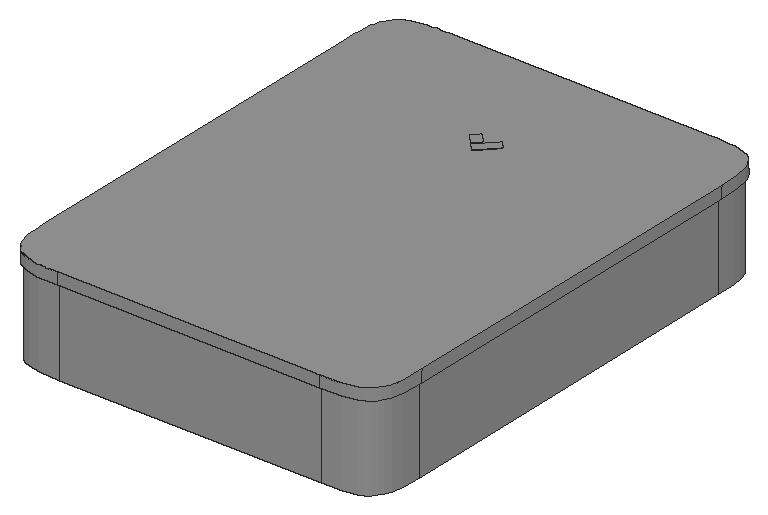
Revit family "AccessControlsControllers", category Electrical Equipment, host Face, Revit 2019
Family settings
  Host = Face
  Round Connector Dimension = Use Diameter
  Part Type = Other Panel
  Cut with Voids When Loaded = No
  Shared = No
  Room Calculation Point = Yes
Parameters (values of type "AC41–HW")
  Width = 319.6 mm
  URL = "https://www.verkada.com/io-controller/ac41/"
  Type Image = AC41-AX11-BP41.png
  Model = "AX11–HW"
  Manufacturer = "VERKADA"  # constant formula
  Length = 415.6 mm
  Height = 83.57 mm
  Description = "IO CONTROLLER"
  Default Elevation = 1219.2 mm
  Corner Radius = 40 mm
Types (2, lengths in mm): name | URL
  AC41–HW | "https://www.verkada.com/io-controller/ac41/"
  AX11–HW | "https://www.verkada.com/io-controller/ax11/"
Reference planes
  plane 1 "Center (Front/Back)": y = 0
  plane 2: z = 0
  plane 3 "Center (Left/Right)": x = 0
  plane 4: x = 159.8
  plane 5: y = 207.8
  plane 6: y = -207.8
  plane 7: x = -159.8
  plane 8: z = 83.57
Forms (mm)
  Extrusion 1, solid, material "Verkada Black"
    sketch origin (0, 0, 0) x (1, 0, 0) y (0, 1, 0)
      loop
        spline (-157.56, -159.605) -> (-157.144, -173.809) -> (-156, -183.435) -> (-154.29, -189.656) -> (-152.17, -193.65) -> (-149.794, -196.572) -> (-147.145, -199.038) -> (-144.029, -201.1) -> (-140.243, -202.779) -> (-135.553, -204.093) -> (-129.54, -205.02) -> (-121.718, -205.522) -> (-111.6, -205.565)
        line (-111.6, -205.565) -> (111.6, -205.565)
        spline (111.6, -205.565) -> (121.718, -205.522) -> (129.54, -205.02) -> (135.553, -204.093) -> (140.243, -202.779) -> (144.029, -201.1) -> (147.145, -199.038) -> (149.794, -196.572) -> (152.17, -193.65) -> (154.29, -189.656) -> (156, -183.435) -> (157.144, -173.809) -> (157.56, -159.605)
        line (157.56, -159.605) -> (157.56, 159.605)
        spline (157.56, 159.605) -> (157.144, 173.809) -> (156, 183.435) -> (154.29, 189.656) -> (152.17, 193.65) -> (149.794, 196.572) -> (147.145, 199.038) -> (144.029, 201.1) -> (140.243, 202.779) -> (135.553, 204.093) -> (129.54, 205.02) -> (121.718, 205.522) -> (111.6, 205.565)
        line (111.6, 205.565) -> (-111.6, 205.565)
        spline (-111.6, 205.565) -> (-121.718, 205.522) -> (-129.54, 205.02) -> (-135.553, 204.093) -> (-140.243, 202.779) -> (-144.029, 201.1) -> (-147.145, 199.038) -> (-149.794, 196.572) -> (-152.17, 193.65) -> (-154.29, 189.656) -> (-156, 183.435) -> (-157.144, 173.809) -> (-157.56, 159.605)
        line (-157.56, 159.605) -> (-157.56, -159.605)
    from 0 to 81.006
  Sweep 2, solid, material "Verkada White"
    path origin (0, 0, 0) x (1, 0, 0) y (0, 0, 1)
      loop
        line (0, 83.57) -> (0, 73.57)
    profile origin (0, 0, 78.57) x (0, -1, 0) y (1, 0, 0)
      loop
        spline (-207.8, -111.566) -> (-207.757, -121.791) -> (-207.243, -129.777) -> (-206.28, -136.025) -> (-204.885, -140.999) -> (-203.06, -145.105) -> (-200.789, -148.539) -> (-198.091, -151.437) -> (-194.924, -154.011) -> (-190.477, -156.373) -> (-183.848, -158.203) -> (-173.961, -159.378) -> (-159.605, -159.8)
        line (-159.605, -159.8) -> (159.605, -159.8)
        spline (159.605, -159.8) -> (173.961, -159.378) -> (183.848, -158.203) -> (190.477, -156.373) -> (194.924, -154.011) -> (198.091, -151.437) -> (200.789, -148.539) -> (203.06, -145.105) -> (204.885, -140.999) -> (206.28, -136.025) -> (207.243, -129.777) -> (207.757, -121.791) -> (207.8, -111.566)
        line (207.8, -111.566) -> (207.8, 111.566)
        spline (207.8, 111.566) -> (207.757, 121.791) -> (207.243, 129.777) -> (206.28, 136.025) -> (204.885, 140.999) -> (203.06, 145.105) -> (200.789, 148.539) -> (198.091, 151.437) -> (194.924, 154.011) -> (190.477, 156.373) -> (183.848, 158.203) -> (173.961, 159.378) -> (159.605, 159.8)
        line (159.605, 159.8) -> (-159.605, 159.8)
        spline (-159.605, 159.8) -> (-173.961, 159.378) -> (-183.848, 158.203) -> (-190.477, 156.373) -> (-194.924, 154.011) -> (-198.091, 151.437) -> (-200.789, 148.539) -> (-203.06, 145.105) -> (-204.885, 140.999) -> (-206.28, 136.025) -> (-207.243, 129.777) -> (-207.757, 121.791) -> (-207.8, 111.566)
        line (-207.8, 111.566) -> (-207.8, -111.566)
  Extrusion 3, solid, material "Verkada Black"
    sketch origin (0, 0, -28.375) x (1, 0, 0) y (0, 1, 0)
      loop
        line (-1.177, 106.44) -> (-7.923, 113.632)
        arc (-7.923, 113.632) -> (-8.47, 113.868) -> (-9.017, 113.63) r 0.749
        line (-9.017, 113.63) -> (-13.435, 108.892)
        arc (-13.435, 108.892) -> (-13.635, 108.384) -> (-13.434, 107.876) r 0.744
        line (-13.434, 107.876) -> (-6.619, 100.603) -> (-1.177, 106.44)
      loop
        line (7.923, 113.632) -> (-5.446, 99.379) -> (-0.543, 94.121)
        arc (-0.543, 94.121) -> (0, 93.885) -> (0.544, 94.12) r 0.744
        line (0.544, 94.12) -> (13.434, 107.876)
        arc (13.434, 107.876) -> (13.635, 108.384) -> (13.435, 108.892) r 0.744
        line (13.435, 108.892) -> (9.017, 113.63)
        arc (9.017, 113.63) -> (8.47, 113.868) -> (7.923, 113.632) r 0.749
    from 111.147 to 111.994
Dimensions and locks
  equal spacing: plane 7, plane 3 "Center (Left/Right)", plane 4
  "Width": plane 7 to plane 4
  "Height": plane 8 to level
  equal spacing: plane 6, plane 1 "Center (Front/Back)", plane 5
  "Length": plane 6 to plane 5
  plane 8 to host face = 83.57 mm
  aligned and locked: plane 2 to host face
  aligned and locked: level to host face
  aligned and locked: Sweep 2 sketch curve to plane 4
  aligned and locked: plane 5 to Sweep 2 sketch curve
  aligned and locked: Sweep 2 sketch curve to plane 6
  aligned and locked: plane 7 to Sweep 2 sketch curve
Automatic sketch dimensions
  host sketch curve to host sketch curve = 2438.4 mm  (x2)
  Sweep 2 sketch curve to plane 3 "Center (Left/Right)" = 0 mm
  Sweep 2 sketch curve to plane 8 = 0 mm
  plane 8 to Sweep 2 sketch curve = 10 mm
  Extrusion 3 sketch curve to plane 3 "Center (Left/Right)" = 13.435 mm
  Extrusion 3 sketch curve to Extrusion 3 sketch curve = 0.001 mm  (x2)
  Extrusion 3 sketch curve to Extrusion 3 sketch curve = 0.544 mm  (x2)
  Extrusion 3 sketch curve to Extrusion 3 sketch curve = 4.419 mm
  Extrusion 3 sketch curve to Extrusion 3 sketch curve = 0.547 mm  (x2)
  Extrusion 3 sketch curve to Extrusion 3 sketch curve = 0.546 mm  (x2)
  Extrusion 3 sketch curve to plane 3 "Center (Left/Right)" = 6.619 mm
  Extrusion 3 sketch curve to Extrusion 3 sketch curve = 1.174 mm
  Extrusion 3 sketch curve to plane 3 "Center (Left/Right)" = 1.177 mm
  Extrusion 3 sketch curve to plane 3 "Center (Left/Right)" = 0.543 mm
  plane 3 "Center (Left/Right)" to Extrusion 3 sketch curve = 0.001 mm
  plane 3 "Center (Left/Right)" to Extrusion 3 sketch curve = 0.544 mm
  plane 3 "Center (Left/Right)" to Extrusion 3 sketch curve = 7.923 mm
  Extrusion 3 sketch curve to Extrusion 3 sketch curve = 4.422 mm
  Extrusion 3 sketch curve to Extrusion 3 sketch curve = 0.543 mm
  Extrusion 3 sketch curve to plane 1 "Center (Front/Back)" = 94.12 mm
  Extrusion 3 sketch curve to Extrusion 3 sketch curve = 5.258 mm
  Extrusion 3 sketch curve to Extrusion 3 sketch curve = 1.224 mm
  Extrusion 3 sketch curve to Extrusion 3 sketch curve = 5.836 mm
  Extrusion 3 sketch curve to Extrusion 3 sketch curve = 7.272 mm
  Extrusion 3 sketch curve to Extrusion 3 sketch curve = 1.436 mm
  Extrusion 3 sketch curve to Extrusion 3 sketch curve = 0.509 mm  (x2)
  Extrusion 3 sketch curve to Extrusion 3 sketch curve = 4.735 mm  (x2)
  Extrusion 3 sketch curve to Extrusion 3 sketch curve = 0.511 mm  (x2)
  plane 7 to Extrusion 1 sketch curve = 2.24 mm
  Extrusion 1 sketch curve to plane 6 = 2.235 mm
  plane 7 to Extrusion 1 sketch curve = 48.2 mm  (x2)
  plane 5 to Extrusion 1 sketch curve = 2.235 mm
  Extrusion 1 sketch curve to plane 4 = 48.2 mm  (x2)
  Extrusion 1 sketch curve to plane 4 = 2.24 mm
  Extrusion 1 sketch curve to plane 6 = 48.195 mm  (x2)
  plane 5 to Extrusion 1 sketch curve = 48.195 mm  (x2)
  Sweep 2 sketch curve to Sweep 2 sketch curve = 48.195 mm  (x4)
  Sweep 2 sketch curve to Sweep 2 sketch curve = 48.234 mm  (x4)
Connectors
  electrical at (0, 0, 0)
    settings: index 2, voltage 0 V, apparent load 0 VA, apparent load phase1 0 VA, apparent load phase2 0 VA, apparent load phase3 0 VA, power factor 1, load classification "Other", number of poles 1, system type 10, power factor state 1, is connector primary yes, connector utility no, sub classification motor no, connector description ""
